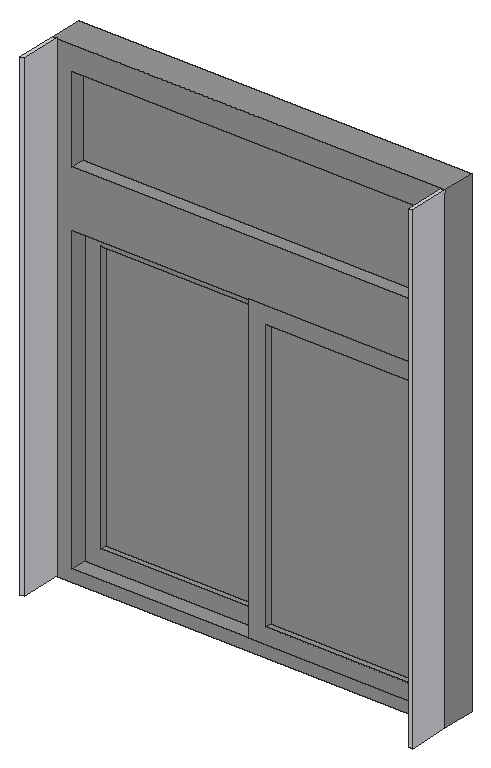
Revit family "Window W2", category Windows, host Wall, Revit 2025
Family settings
  Host = Wall
  OmniClass Number = 23.30.20.00
  OmniClass Title = Windows
  Always vertical = Yes
  Cut with Voids When Loaded = No
  Shared = No
  Room Calculation Point = No
Parameters (values of type "LR")
  Right Window = 1' - 7 3/4"
  Left Window = 1' - 9 3/4"
  Inner Wall = 0' - 0 1/2"
  Height = 4' - 0"
  Glass Material = Glass, Clear Glazing, Tempered
  Glass Depth = 0' - 0 1/2"
  Frame Material = Laminate, Black
  Depth = 0' - 4"
  Define Thermal Properties by = Schematic Type
  Default Sill Height = 3' - 0"
  Wall Closure = By host
  Width = 4' - 0"
  Analytic Construction = "<None>"
Types (2): name | Right Window | Left Window
  RL | 0' - 0" | 0' - 0"
  LR | 1' - 7 3/4" | 1' - 9 3/4"
Reference planes (in)
  plane 1 "Center (Front/Back)": y = 0
  plane 2: z = 0
  plane 3 "Center (Left/Right)": x = 0
  plane 4 "Sill": z = 36
  plane 5 "Top": z = 84
  plane 6 "Exterior": y = 2
  plane 7 "Interior": y = -2
  plane 8: y = 0.25
  plane 9: y = -0.25
Forms (in)
  Extrusion 1, solid, material "Laminate, Black" <- "Frame Material"
    sketch origin (0, 0, 0) x (1, 0, 0) y (0, 0, 1)
      loop
        line (21.75, 74.625) -> (-21.75, 74.625) -> (-21.75, 37.4375) -> (21.75, 37.4375) -> (21.75, 74.625)
      loop
        line (21.75, 92) -> (-21.75, 92) -> (-21.75, 81.5) -> (21.75, 81.5) -> (21.75, 92)
      loop
        line (24, 95) -> (-24, 95) -> (-24, 36) -> (24, 36) -> (24, 95)
    from -2 to 2
  Extrusion 2, solid, material "Glass, Clear Glazing, Tempered" <- "Glass Material"
    sketch origin (0, 0, 0) x (1, 0, 0) y (0, 0, 1)
      loop
        line (21.75, 92) -> (-21.75, 92) -> (-21.75, 81.5) -> (21.75, 81.5) -> (21.75, 92)
    from -0.25 to 0.25
  Extrusion 3, solid
    sketch origin (0, 0, 36) x (0, -1, 0) y (1, 0, 0)
      loop
        line (7, -24) -> (7, -23.5) -> (2, -23.5) -> (2, -24) -> (7, -24)
      loop
        line (7, 24) -> (2, 24) -> (2, 23.5) -> (7, 23.5) -> (7, 24)
    from 0 to 59
Lines and regions (in)
  Opening 1
    outline origin (-60, -7, 0) x (1, 0, 0) y (0, 0, 1)
      loop
        line (36, 95) -> (36, 36) -> (84, 36) -> (84, 95) -> (36, 95)
  model lines
    curve 1: line (21.75, 2, 74.625) -> (21.75, 2, 81.5)
    curve 2: line (-21.75, 2, 74.625) -> (-21.75, 2, 81.5)
    curve 3: line (21.75, 2, 37.4375) -> (21.75, 2, 36)
    curve 4: line (-21.75, 2, 37.4375) -> (-21.75, 2, 36)
    curve 5: line (-21.75, -2, 81.5) -> (-21.75, -2, 74.625)
    curve 6: line (21.75, -2, 81.5) -> (21.75, -2, 74.625)
    curve 7: line (-21.75, -2, 37.4375) -> (-21.75, -2, 36)
    curve 8: line (21.75, -2, 37.4375) -> (21.75, -2, 36)
Text (in)
  text "EXTERIOR" at (-58.6888, 50.90694, 0), in view "Ref. Level"
  text "INTERIOR" at (-58.6888, -37.76638, 0), in view "Ref. Level"
  text "Exterior" at (0, 43.65631, 123.19604), in view "Left"
  text "Exterior" at (0, 18.29385, 125.04747), in view "Right"
Dimensions and locks (in)
  "Height": plane 4 "Sill" to plane 5 "Top"
  "Default Sill Height": plane 2 to plane 4 "Sill"
  equal spacing: Extrusion 1 sketch curve, plane 3 "Center (Left/Right)", Extrusion 1 sketch curve  (x3)
  "Width": Extrusion 1 sketch curve to Extrusion 1 sketch curve
  Extrusion 1 sketch curve to Extrusion 1 sketch curve = 0' - 2 1/4"  (x2)
  plane 4 "Sill" to Extrusion 1 sketch curve = 4' - 11"
  Extrusion 1 sketch curve to Extrusion 1 sketch curve = 0' - 3"  (x2)
  plane 4 "Sill" to Extrusion 1 sketch curve = 0' - 1 7/16"
  Extrusion 1 sketch curve to Extrusion 1 sketch curve = 3' - 1 3/16"  (x2)
  Extrusion 1 sketch curve to Extrusion 1 sketch curve = 0' - 6 7/8"
  equal spacing: plane 6 "Exterior", plane 1 "Center (Front/Back)", plane 7 "Interior"
  "Depth": plane 6 "Exterior" to plane 7 "Interior"
  equal spacing: host wall, plane 1 "Center (Front/Back)", host wall
  equal spacing: plane 8, plane 1 "Center (Front/Back)", plane 9
  "Glass Depth": plane 8 to plane 9
  host wall to host wall = 4' - 0"
  "Left Window": Extrusion 1 to nested 1
  "Right Window": nested 2 to Extrusion 1
  "Inner Wall": Extrusion 3 sketch curve to Extrusion 3 sketch curve
  "Inner Wall": host wall to Extrusion 3 sketch curve
  aligned and locked: plane 4 "Sill" to Opening 1 sketch curve  (x2)
  aligned and locked: level to plane 2
  aligned and locked: Extrusion 1 sketch curve to plane 4 "Sill"
  aligned and locked: Extrusion 1 to plane 7 "Interior"
  aligned and locked: plane 6 "Exterior" to Extrusion 1
  aligned and locked: Extrusion 1 to Opening 1 sketch curve  (x2)
  aligned and locked: Opening 1 sketch curve to Extrusion 1
  aligned and locked: plane 8 to Extrusion 2
  aligned and locked: Extrusion 2 to plane 9
  aligned and locked: Extrusion 2 sketch curve to Extrusion 1  (x2)
  aligned and locked: plane 7 "Interior" to Extrusion 3 sketch curve
  aligned and locked: Extrusion 3 sketch curve to host wall  (x2)
  aligned and locked: host wall to Extrusion 3 sketch curve  (x2)
  aligned and locked: Extrusion 3 sketch curve to plane 7 "Interior"
  aligned and locked: Extrusion 3 to Extrusion 1
Automatic sketch dimensions
  Extrusion 2 sketch curve to plane 5 "Top" = 0' - 8"
  plane 5 "Top" to Extrusion 2 sketch curve = 0' - 2 1/2"
  curve 3 to plane 4 "Sill" = 0' - 0"
  curve 4 to plane 4 "Sill" = 0' - 0"
  plane 5 "Top" to curve 1 = 0' - 2 1/2"
  plane 3 "Center (Left/Right)" to curve 1 = 1' - 9 3/4"
  plane 3 "Center (Left/Right)" to curve 3 = 1' - 9 3/4"
  plane 5 "Top" to curve 2 = 0' - 2 1/2"
  curve 2 to plane 3 "Center (Left/Right)" = 1' - 9 3/4"
  curve 4 to plane 4 "Sill" = 0' - 1 7/16"
  curve 4 to plane 3 "Center (Left/Right)" = 1' - 9 3/4"
  curve 3 to plane 4 "Sill" = 0' - 1 7/16"
  curve 2 to curve 2 = 0' - 6 7/8"
  curve 1 to curve 1 = 0' - 6 7/8"
  curve 8 to plane 4 "Sill" = 0' - 0"
  curve 7 to plane 4 "Sill" = 0' - 0"
  curve 8 to plane 4 "Sill" = 0' - 1 7/16"
  plane 3 "Center (Left/Right)" to curve 8 = 1' - 9 3/4"
  plane 5 "Top" to curve 6 = 0' - 2 1/2"
  plane 3 "Center (Left/Right)" to curve 6 = 1' - 9 3/4"
  curve 7 to plane 3 "Center (Left/Right)" = 1' - 9 3/4"
  plane 5 "Top" to curve 5 = 0' - 9 3/8"
  curve 5 to plane 3 "Center (Left/Right)" = 1' - 9 3/4"
  curve 7 to plane 4 "Sill" = 0' - 1 7/16"
  curve 6 to curve 6 = 0' - 6 7/8"
  plane 5 "Top" to curve 5 = 0' - 2 1/2"
Nested families (in)
  nested 1: "Window" at (10.875, -1, 37.4375), type "B"
  nested 2: "Window" at (-9.875, 1, 37.4375), type "A"
Definition of nested family "Window"
  Parameters (values of type "B")
    Width = Inner Width + (Frame Size * 2)  # 1' - 9 3/4"
    Inner Width = 1' - 5 3/4"
    Glass Material = none
    Glass Depth = 0' - 0 1/2"
    Frame Size = 0' - 2"  # constant formula
    Frame Material = none
    Depth = 0' - 2"
    Default Elevation = 0' - 0"
  Types (2): name | Width | Inner Width
    A | 1' - 11 3/4" | 1' - 7 3/4"
    B | 1' - 9 3/4" | 1' - 5 3/4"
  Reference planes (in)
    plane 1 "Center (Front/Back)": y = 0
    plane 2: z = 0
    plane 3 "Center (Left/Right)": x = 0
    plane 4: y = 1
    plane 5: y = -1
    plane 6: y = 0.25
    plane 7: y = -0.25
  Forms (in)
    Extrusion 1, solid, material <- "Frame Material"
      sketch origin (0, 0, 0) x (1, 0, 0) y (0, 0, 1)
        loop
          line (-10.875, 37.1875) -> (-10.875, 0) -> (10.875, 0) -> (10.875, 37.1875) -> (-10.875, 37.1875)
        loop
          line (8.875, 35.1875) -> (-8.875, 35.1875) -> (-8.875, 2) -> (8.875, 2) -> (8.875, 35.1875)
      from -1 to 1
    Extrusion 2, solid, material <- "Glass Material"
      sketch origin (0, 0, 0) x (1, 0, 0) y (0, 0, 1)
        loop
          line (-8.875, 35.1875) -> (-8.875, 2) -> (8.875, 2) -> (8.875, 35.1875) -> (-8.875, 35.1875)
      from -0.25 to 0.25
  Lines and regions (in)
    symbolic lines
      curve 1: line (-8.875, 1, 0) -> (-8.34984, 0.25, 0)
      curve 2: line (-8.875, -1, 0) -> (-8.34984, -0.25, 0)
      curve 3: line (8.875, 1, 0) -> (8.34984, 0.25, 0)
      curve 4: line (8.875, -1, 0) -> (8.34984, -0.25, 0)
  Dimensions and locks (in)
    Extrusion 1 sketch curve to plane 2 = 3' - 1 3/16"
    equal spacing: plane 4, plane 1 "Center (Front/Back)", plane 5
    "Depth": plane 4 to plane 5
    equal spacing: plane 6, plane 1 "Center (Front/Back)", plane 7
    "Glass Depth": plane 6 to plane 7
    equal spacing: Extrusion 1 sketch curve, plane 3 "Center (Left/Right)", Extrusion 1 sketch curve  (x2)
    "Inner Width": Extrusion 1 sketch curve to Extrusion 1 sketch curve
    "Width": Extrusion 1 sketch curve to Extrusion 1 sketch curve
    "Frame Size": Extrusion 1 sketch curve to Extrusion 1 sketch curve  (x2)
    Extrusion 1 to curve 1 = 0' - 0"
    Extrusion 1 to curve 2 = 0' - 0"
    curve 3 to Extrusion 1 = 0' - 0"
    curve 4 to Extrusion 1 = 0' - 0"
    aligned and locked: plane 2 to level
    aligned and locked: Extrusion 1 to plane 5
    aligned and locked: plane 4 to Extrusion 1
    aligned and locked: Extrusion 2 to plane 7
    aligned and locked: plane 6 to Extrusion 2
    aligned and locked: Extrusion 1 to Extrusion 2 sketch curve  (x2)
    aligned and locked: Extrusion 2 sketch curve to Extrusion 1  (x2)
  Automatic sketch dimensions
    curve 2 to plane 7 = 0' - 0"
    curve 1 to plane 6 = 0' - 0"
    curve 3 to plane 6 = 0' - 0"
    curve 4 to plane 7 = 0' - 0"
    curve 4 to plane 5 = 0' - 0"
    curve 3 to plane 4 = 0' - 0"
    curve 2 to plane 5 = 0' - 0"
    curve 1 to plane 4 = 0' - 0"
    curve 2 to curve 2 = 0' - 0.52516"
    curve 1 to curve 2 = 0' - 0"
    curve 4 to curve 4 = 0' - 0.52516"
    curve 3 to curve 3 = 0' - 0.52516"
    Extrusion 1 sketch curve to level = 0' - 0"
